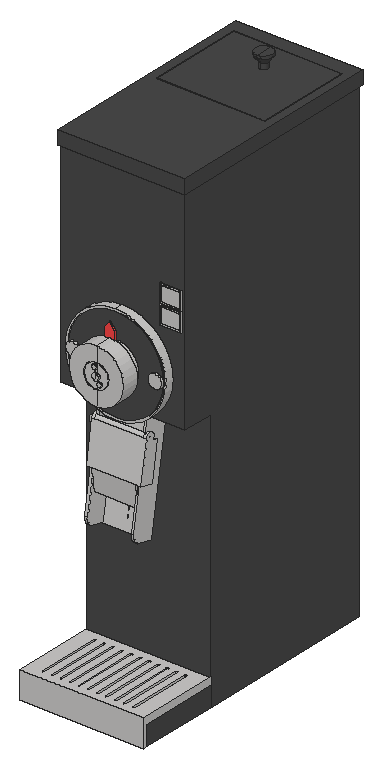
Revit family "QF_ELECTROLUXPROFESSIONAL_600661_E890", category Specialty Equipment, Revit 2018
Family settings
  Round Connector Dimension = Use Diameter
  Part Type = Normal
  Work Plane-Based = No
  Always vertical = Yes
  Cut with Voids When Loaded = No
  Shared = No
  Room Calculation Point = No
Parameters
  Weight = 0.00 lbm
  Watts = 0 W
  Volts = 230 V
  URL Manufacturer = "http://professional.electrolux.com"
  URL = "http://professional.electrolux.com"
  Steam Supply Size = 0 mm
  Steam Supply Minimum Pressure = 0.00 psi
  Steam Supply Maximum Pressure = 0.00 psi
  Steam Pounds per Hour = 0
  Show Clearance [instance] = yes
  Refrigeration Suction Line Size = 0 mm
  Refrigeration Liquid Line Size = 0 mm
  Refrigerant Compressor Remote = yes
  Phase = 1
  Model = "E890"
  Manufacturer = "Electrolux"
  Length Actual = 178 mm  # constant formula
  Item Number = "600661"
  Hot Water Size = 0 mm
  Height Actual = 711 mm  # constant formula
  HP = "1.1 HP"
  Gas Size = 0 mm
  Gas KW = 0
  Gas Input Pressure = 0.0 Btu/h
  Direct Waste Size = 0 mm
  Description = "GRINDER. ONE 1.4 KG HOPPER - BLACK"
  Depth Actual = 381 mm  # constant formula
  Cycle = 50 Hz
  Condensate Return Size = 0 mm
  Compressed Air Volume = 0 GPM
  Compressed Air Size = 0 mm
  Compressed Air Pressure = 0.00 psi
  Cold Water Size = 0 mm
  Accessory = yes
Reference planes
  plane 1 "BACK": y = 0
  plane 2: z = 0
  plane 3 "LEFT": x = 0
  plane 4 "RIGHT": x = 177.8
  plane 5 "FRONT": y = -381
  plane 6 "TOP": z = 685.8
  plane 7 "Center Y": x = 88.9
  plane 8 "Center X": y = -190.5
  plane 9: y = -355.6
  plane 10: z = 368.3
  plane 11: z = 38.1
  plane 12: z = 247.65
  plane 13: z = 426.161
Forms (mm)
  Extrusion 1, solid, material "QF_Plastic - Black - Smooth"
    sketch origin (0, 0, 0) x (0, 1, 0) y (0, 0, 1)
      loop
        line (-309.442, 666.75) -> (-309.442, 368.3) -> (-264.385, 368.3) -> (-264.385, 0) -> (-3.747, 0) -> (-3.747, 666.75) -> (-309.442, 666.75)
    from 2.013 to 175.787
  Extrusion 2, solid, material "QF_Metal - Stainless - Polished"
    sketch origin (0, -309.442, 666.75) x (0, 0, -1) y (1, 0, 0)
      loop
        circle (240.589, 88.9) r 69.85
      loop
        circle (240.589, 88.9) r 67.38
    from 0 to 12.481
  Extrusion 3, solid, material "QF_Plastic - Black - Smooth"
    sketch origin (0, -309.442, 666.75) x (0, 0, -1) y (1, 0, 0)
      loop
        circle (240.589, 88.9) r 67.38
    from 0 to 12.481
  Extrusion 4, solid, material "QF_Metal - Stainless - Polished"
    sketch origin (88.9, -355.6, 426.952) x (0, 0, 1) y (-1, 0, 0)
      loop
        circle (10.204, 2.254) r 3.175
      loop
        circle (-10.006, -4.691) r 3.175
    from 0 to 0.794
  Extrusion 5, solid, material "QF_Metal - Stainless - Polished"
    sketch origin (0, -309.442, 666.75) x (0, 0, -1) y (1, 0, 0)
      loop
        line (124.105, 142.513) -> (149.505, 142.513) -> (149.505, 171.705) -> (124.105, 171.705) -> (124.105, 142.513)
      loop
        line (176.95, 142.513) -> (176.95, 171.705) -> (151.55, 171.705) -> (151.55, 142.513) -> (176.95, 142.513)
      loop
        line (125.692, 170.117) -> (125.692, 144.101) -> (147.917, 144.101) -> (147.917, 170.117) -> (125.692, 170.117)
      loop
        line (153.138, 170.117) -> (153.138, 144.101) -> (175.363, 144.101) -> (175.363, 170.117) -> (153.138, 170.117)
    from 0 to 1.588
  Extrusion 6, solid, material "QF_Metal - Stainless - Polished"
    sketch origin (0, -309.442, 666.75) x (0, 0, -1) y (1, 0, 0)
      loop
        line (147.917, 144.101) -> (147.917, 170.117) -> (125.692, 170.117) -> (125.692, 144.101) -> (147.917, 144.101)
      loop
        line (153.138, 144.101) -> (175.363, 144.101) -> (175.363, 170.117) -> (153.138, 170.117) -> (153.138, 144.101)
    from 0 to 1.588
  Extrusion 7, solid, material "QF_Metal - Stainless - Polished"
    sketch origin (0, 0, 0) x (0, 1, 0) y (0, 0, 1)
      loop
        line (-377.825, 27.995) -> (-377.825, 0) -> (-264.385, 0) -> (-264.385, 27.995) -> (-377.825, 27.995)
    from 2.013 to 175.787
  Extrusion 8, solid, material "QF_Metal - Stainless - Polished"
    sketch origin (0, -264.385, 387.35) x (0, 0, -1) y (1, 0, 0)
      loop
        line (359.355, 2.013) -> (359.355, 5.188) -> (349.25, 5.188) -> (349.25, 2.013) -> (359.355, 2.013)
      loop
        line (359.355, 175.787) -> (349.25, 175.787) -> (349.25, 172.612) -> (359.355, 172.612) -> (359.355, 175.787)
    from 0 to 113.44
  Extrusion 9, solid, material "QF_Metal - Stainless - Polished"
    sketch origin (7.246, -264.385, 38.1) x (-1, 0, 0) y (0, -1, 0)
      loop
        line (2.058, 0) -> (2.058, 113.44) -> (-165.367, 113.44) -> (-165.367, 0) -> (2.058, 0)
      loop
        arc (-16.599, 104.033) -> (-18.187, 105.621) -> (-19.774, 104.033) r 1.587
        line (-19.774, 104.033) -> (-19.774, 14.918)
        arc (-19.774, 14.918) -> (-18.187, 13.331) -> (-16.599, 14.918) r 1.587
        line (-16.599, 14.918) -> (-16.599, 104.033)
      loop
        arc (-29.299, 104.033) -> (-30.887, 105.621) -> (-32.474, 104.033) r 1.587
        line (-32.474, 104.033) -> (-32.474, 14.918)
        arc (-32.474, 14.918) -> (-30.887, 13.331) -> (-29.299, 14.918) r 1.587
        line (-29.299, 14.918) -> (-29.299, 104.033)
      loop
        arc (-41.999, 104.033) -> (-43.587, 105.621) -> (-45.174, 104.033) r 1.587
        line (-45.174, 104.033) -> (-45.174, 14.918)
        arc (-45.174, 14.918) -> (-43.587, 13.331) -> (-41.999, 14.918) r 1.587
        line (-41.999, 14.918) -> (-41.999, 104.033)
      loop
        arc (-54.699, 104.033) -> (-56.287, 105.621) -> (-57.874, 104.033) r 1.587
        line (-57.874, 104.033) -> (-57.874, 14.918)
        arc (-57.874, 14.918) -> (-56.287, 13.331) -> (-54.699, 14.918) r 1.587
        line (-54.699, 14.918) -> (-54.699, 104.033)
      loop
        arc (-67.399, 104.033) -> (-68.987, 105.621) -> (-70.574, 104.033) r 1.587
        line (-70.574, 104.033) -> (-70.574, 14.918)
        arc (-70.574, 14.918) -> (-68.987, 13.331) -> (-67.399, 14.918) r 1.587
        line (-67.399, 14.918) -> (-67.399, 104.033)
      loop
        arc (-80.099, 104.033) -> (-81.687, 105.621) -> (-83.274, 104.033) r 1.587
        line (-83.274, 104.033) -> (-83.274, 14.918)
        arc (-83.274, 14.918) -> (-81.687, 13.331) -> (-80.099, 14.918) r 1.587
        line (-80.099, 14.918) -> (-80.099, 104.033)
      loop
        arc (-92.799, 104.033) -> (-94.387, 105.621) -> (-95.974, 104.033) r 1.587
        line (-95.974, 104.033) -> (-95.974, 14.918)
        arc (-95.974, 14.918) -> (-94.387, 13.331) -> (-92.799, 14.918) r 1.587
        line (-92.799, 14.918) -> (-92.799, 104.033)
      loop
        arc (-105.499, 104.033) -> (-107.087, 105.621) -> (-108.674, 104.033) r 1.587
        line (-108.674, 104.033) -> (-108.674, 14.918)
        arc (-108.674, 14.918) -> (-107.087, 13.331) -> (-105.499, 14.918) r 1.587
        line (-105.499, 14.918) -> (-105.499, 104.033)
      loop
        arc (-118.199, 104.033) -> (-119.787, 105.621) -> (-121.374, 104.033) r 1.587
        line (-121.374, 104.033) -> (-121.374, 14.918)
        arc (-121.374, 14.918) -> (-119.787, 13.331) -> (-118.199, 14.918) r 1.587
        line (-118.199, 14.918) -> (-118.199, 104.033)
      loop
        arc (-130.899, 104.033) -> (-132.487, 105.621) -> (-134.074, 104.033) r 1.587
        line (-134.074, 104.033) -> (-134.074, 14.918)
        arc (-134.074, 14.918) -> (-132.487, 13.331) -> (-130.899, 14.918) r 1.587
        line (-130.899, 14.918) -> (-130.899, 104.033)
      loop
        arc (-143.599, 104.033) -> (-145.187, 105.621) -> (-146.774, 104.033) r 1.587
        line (-146.774, 104.033) -> (-146.774, 14.918)
        arc (-146.774, 14.918) -> (-145.187, 13.331) -> (-143.599, 14.918) r 1.587
        line (-143.599, 14.918) -> (-143.599, 104.033)
    from 0 to -3.175
  Extrusion 10, solid, material "QF_Metal - Stainless - Polished"
    sketch origin (0, -377.825, 34.674) x (0, 0, 1) y (-1, 0, 0)
      loop
        line (-34.674, -2.013) -> (-34.674, -175.787) -> (3.426, -175.787) -> (3.426, -2.013) -> (-34.674, -2.013)
    from 0 to 3.175
  Extrusion 11, solid, material "QF_Door-Drawer Clearances", visible <- "Show Clearance", detail levels coarse
    sketch origin (0, 0, 0) x (0, 1, 0) y (0, 0, 1)
      loop
        line (-155.281, 685.8) -> (-19.75, 685.8)
        arc (-19.75, 685.8) -> (-71.644, 756.009) -> (-155.281, 781.05) r 138.068
        line (-155.281, 781.05) -> (-155.281, 685.8)
    from 12.7 to 165.1
  Extrusion 12, solid, material "QF_Metal - Stainless - Polished"
    sketch origin (0, 0, -19.05) x (0, 1, 0) y (0, 0, 1)
      loop
        line (-274.945, 387.35) -> (-307.929, 387.35) -> (-332.59, 247.495)
        arc (-332.59, 247.495) -> (-330.734, 238.372) -> (-323.155, 232.967) r 12.7
        line (-323.155, 232.967) -> (-303.051, 227.954) -> (-274.945, 387.35)
    from 54.596 to 57.778
  Extrusion 13, solid, material "QF_Metal - Stainless - Polished"
    sketch origin (177.8, 0, -19.05) x (0, 1, 0) y (0, 0, -1)
      loop
        line (-274.945, -387.35) -> (-303.051, -227.954) -> (-323.155, -232.967)
        arc (-323.155, -232.967) -> (-330.734, -238.372) -> (-332.59, -247.495) r 12.7
        line (-332.59, -247.495) -> (-307.929, -387.35) -> (-274.945, -387.35)
    from 54.596 to 57.778
  Extrusion 14, solid, material "QF_Metal - Stainless - Polished"
    sketch origin (177.8, 0, -19.05) x (0, 1, 0) y (0, 0, -1)
      loop
        line (-274.945, -387.35) -> (-303.051, -227.954) -> (-306.139, -228.724) -> (-278.169, -387.35) -> (-274.945, -387.35)
    from 57.778 to 120.022
  Extrusion 15, solid, material "QF_Metal - Stainless - Polished"
    sketch origin (88.9, 0, -6.35) x (0, 1, 0) y (0, 0, 1)
      loop
        line (-294.166, 278.341) -> (-302.411, 231.58) -> (-295.737, 231.58)
        arc (-295.737, 231.58) -> (-290.17, 232.688) -> (-285.45, 235.841) r 14.548
        line (-285.45, 235.841) -> (-279.129, 242.162)
        arc (-279.129, 242.162) -> (-274.751, 252.734) -> (-279.129, 263.305) r 14.95
        line (-279.129, 263.305) -> (-294.166, 278.341)
    from -1.588 to 1.588
  Extrusion 16, solid, material "QF_Metal - Stainless - Polished"
    sketch origin (88.9, 0, -6.35) x (0, 1, 0) y (0, 0, 1)
      loop
        line (-288.967, 273.143) -> (-279.129, 263.305)
        arc (-279.129, 263.305) -> (-274.751, 252.734) -> (-279.129, 242.162) r 14.95
        line (-279.129, 242.162) -> (-285.45, 235.841)
        arc (-285.45, 235.841) -> (-287.655, 234.032) -> (-290.17, 232.688) r 14.548
        line (-290.17, 232.688) -> (-264.385, 188.026) -> (-264.385, 297.726) -> (-288.967, 273.143)
    from -1.588 to 1.588
  Extrusion 17, solid, material "QF_Metal - Stainless - Polished"
    sketch origin (177.8, 0, -19.05) x (0, 1, 0) y (0, 0, -1)
      loop
        line (-297.625, -354.366) -> (-306.973, -301.35) -> (-325.503, -305.97) -> (-315.625, -361.989)
        arc (-315.625, -361.989) -> (-308.269, -367.14) -> (-303.118, -359.784) r 6.35
        line (-303.118, -359.784) -> (-303.879, -355.468) -> (-297.625, -354.366)
      loop
        circle (-308.881, -362.582) r 1.85
    from 54.596 to 50.8
  Extrusion 18, solid, material "QF_Metal - Stainless - Polished"
    sketch origin (0, 0, -19.05) x (0, 1, 0) y (0, 0, 1)
      loop
        line (-297.625, 354.366) -> (-303.879, 355.468) -> (-303.118, 359.784)
        arc (-303.118, 359.784) -> (-308.269, 367.14) -> (-315.625, 361.989) r 6.35
        line (-315.625, 361.989) -> (-325.503, 305.97) -> (-306.973, 301.35) -> (-297.625, 354.366)
      loop
        circle (-308.881, 362.582) r 1.85
    from 54.596 to 50.8
  Extrusion 19, solid, material "QF_Metal - Stainless - Polished"
    sketch origin (177.8, 0, -19.05) x (0, 1, 0) y (0, 0, -1)
      loop
        line (-311.543, -366.854) -> (-322.414, -305.2) -> (-325.503, -305.97) -> (-315.625, -361.989)
        arc (-315.625, -361.989) -> (-314.236, -364.968) -> (-311.543, -366.854) r 6.35
    from 54.596 to 123.204
  Extrusion 20, solid, material "QF_Metal - Stainless - Polished"
    sketch origin (177.8, 0, -19.05) x (0, 1, 0) y (0, 0, -1)
      loop
        line (-322.414, -305.2) -> (-318.711, -275.034) -> (-321.66, -274.672) -> (-325.503, -305.97) -> (-322.414, -305.2)
    from 57.778 to 120.022
  Extrusion 21, solid, material "QF_Metal - Stainless - Polished"
    sketch origin (0, -264.385, 368.3) x (0, 0, -1) y (1, 0, 0)
      loop
        circle (62.446, 14.868) r 6.35
    from 0 to 3.175
  Revolve 22, solid, material "QF_Metal - Stainless - Polished"
    sketch origin (88.9, 0, -22.222) x (0, 1, 0) y (0, 0, 1)
      loop
        line (-357.61, 448.383) -> (-321.923, 448.383) -> (-321.923, 480.133) -> (-332.345, 480.133) -> (-332.345, 486.483) -> (-355.6, 486.483) -> (-355.6, 465.87) -> (-354.485, 465.87) -> (-354.485, 465.077) -> (-355.6, 465.077) -> (-355.6, 452.984) -> (-357.61, 452.984) -> (-357.61, 448.383)
      axis (-357.61, 448.383) -> (-321.923, 448.383)
    angle from 0 to 360
  Extrusion 23, solid, material "QF_Metal - Stainless - Polished"
    sketch origin (0, -321.923, 644.528) x (0, 0, -1) y (1, 0, 0)
      loop
        circle (218.367, 31.135) r 9.332
      loop
        circle (218.367, 146.665) r 9.332
    from 0 to 3.175
  Extrusion 24, solid, material "QF_Plastic - Red - Smooth"
    sketch origin (88.9, -332.345, 426.161) x (-1, 0, 0) y (0, 0, 1)
      loop
        line (7.332, 15.876) -> (7.332, 49.18) -> (0, 58.234) -> (-7.332, 49.18) -> (-7.332, 15.876)
        arc (-7.332, 15.876) -> (0, 17.487) -> (7.332, 15.876) r 17.487
    from 0 to 0.794
  Extrusion 25, solid, material "QF_Plastic - Black - Smooth"
    sketch origin (-975.299, -4572, 685.8) x (-1, 0, 0) y (0, -1, 0)
      loop
        line (-975.299, -4572) -> (-975.299, -4259.384) -> (-1153.099, -4259.384) -> (-1153.099, -4572) -> (-975.299, -4572)
      loop
        line (-987.999, -4552.25) -> (-987.999, -4416.719) -> (-1140.399, -4416.719) -> (-1140.399, -4552.25) -> (-987.999, -4552.25)
    from 0 to -19.05
  Extrusion 26, solid, material "QF_Plastic - Black - Smooth"
    sketch origin (-975.299, -4572, 685.8) x (-1, 0, 0) y (0, -1, 0)
      loop
        line (-987.999, -4552.25) -> (-987.999, -4416.719) -> (-1140.399, -4416.719) -> (-1140.399, -4552.25) -> (-987.999, -4552.25)
    from 0 to -19.05
  Revolve 27, solid, material "QF_Plastic - Black - Smooth"
    sketch origin (88.9, 183.335, 1219.2) x (0, 1, 0) y (0, 0, 1)
      loop
        line (-245.247, -513.819) -> (-257.154, -513.819) -> (-257.154, -517.187) -> (-250.761, -525.806) -> (-250.761, -533.4) -> (-245.247, -533.4) -> (-245.247, -513.819)
      axis (-245.247, -533.4) -> (-245.247, -513.819)
    angle from 0 to 360
Cuts and joins
  joined: Extrusion 8, Extrusion 9, Extrusion 10
  joined: Extrusion 17, Extrusion 18, Extrusion 19
Lines and regions (mm)
  Split face 1
    outline origin (0, -264.385, 387.35) x (0, 0, -1) y (1, 0, 0)
      loop
        line (222.858, 37.338) -> (248.258, 37.338) -> (248.258, 140.462) -> (222.858, 140.462) -> (222.858, 37.338)
  Split face 2
    outline origin (0, -309.442, 628.65) x (0, 0, -1) y (1, 0, 0)
      loop
        line (73.188, 10.037) -> (76.363, 10.037) -> (76.363, 167.763) -> (73.188, 167.763) -> (73.188, 10.037)
  Split face 3
    outline origin (0, -309.442, 624.681) x (0, 0, -1) y (1, 0, 0)
      loop
        line (73.188, 10.037) -> (76.363, 10.037) -> (76.363, 167.763) -> (73.188, 167.763) -> (73.188, 10.037)
  symbolic lines
    curve 1: line (0, 0, 0) -> (177.8, 0, 0)
    curve 2: line (0, -312.616, 0) -> (0, 0, 0)
    curve 3: line (177.8, -312.616, 0) -> (0, -312.616, 0)
    curve 4: line (177.8, 0, 0) -> (177.8, -312.616, 0)
    curve 5: line (175.787, -381, 0) -> (175.787, -312.616, 0)
    curve 6: line (2.013, -312.616, 0) -> (2.013, -381, 0)
    curve 7: line (2.013, -381, 0) -> (175.787, -381, 0)
    curve 8: line (19.05, -321.923, 0) -> (19.05, -312.616, 0)
    curve 9: line (19.05, -321.923, 0) -> (158.75, -321.923, 0)
    curve 10: line (158.75, -321.923, 0) -> (158.75, -312.616, 0)
    curve 11: line (23.845, -368.418, 0) -> (23.845, -325.098, 0)
    curve 12: line (27.02, -325.098, 0) -> (27.02, -368.418, 0)
    curve 13: arc (27.02, -368.418, 0) -> (25.432, -370.006, 0) -> (23.845, -368.418, 0) r 1.588
    curve 14: line (36.545, -368.418, 0) -> (36.545, -325.098, 0)
    curve 15: line (39.72, -325.098, 0) -> (39.72, -368.418, 0)
    curve 16: arc (39.72, -368.418, 0) -> (38.132, -370.006, 0) -> (36.545, -368.418, 0) r 1.588
    curve 17: line (40.468, -325.098, 0) -> (21.803, -325.098, 0)
    curve 18: line (21.803, -325.098, 0) -> (21.803, -321.923, 0)
    curve 19: line (40.468, -325.098, 0) -> (40.468, -321.923, 0)
    curve 20: line (153.955, -368.418, 0) -> (153.955, -325.098, 0)
    curve 21: line (150.78, -325.098, 0) -> (150.78, -368.418, 0)
    curve 22: arc (150.78, -368.418, 0) -> (152.368, -370.006, 0) -> (153.955, -368.418, 0) r 1.588
    curve 23: line (141.255, -368.418, 0) -> (141.255, -325.098, 0)
    curve 24: line (138.08, -325.098, 0) -> (138.08, -368.418, 0)
    curve 25: arc (138.08, -368.418, 0) -> (139.668, -370.006, 0) -> (141.255, -368.418, 0) r 1.588
    curve 26: line (155.997, -325.098, 0) -> (155.997, -321.923, 0)
    curve 27: line (155.997, -325.098, 0) -> (137.332, -325.098, 0)
    curve 28: line (137.332, -325.098, 0) -> (137.332, -321.923, 0)
    curve 29: line (49.245, -368.418, 0) -> (49.245, -321.923, 0)
    curve 30: line (52.42, -325.503, 0) -> (52.42, -332.345, 0)
    curve 31: arc (52.42, -368.418, 0) -> (50.832, -370.006, 0) -> (49.245, -368.418, 0) r 1.587
    curve 32: line (50.8, -332.345, 0) -> (127, -332.345, 0)
    curve 33: line (50.8, -355.6, 0) -> (50.8, -332.345, 0)
    curve 34: line (127, -355.6, 0) -> (50.8, -355.6, 0)
    curve 35: line (127, -332.345, 0) -> (127, -355.6, 0)
    curve 36: line (52.42, -355.6, 0) -> (52.42, -368.418, 0)
    curve 37: arc (65.12, -368.418, 0) -> (63.532, -370.006, 0) -> (61.945, -368.418, 0) r 1.587
    curve 38: arc (77.82, -368.418, 0) -> (76.232, -370.006, 0) -> (74.645, -368.418, 0) r 1.587
    curve 39: arc (103.22, -368.418, 0) -> (101.632, -370.006, 0) -> (100.045, -368.418, 0) r 1.587
    curve 40: arc (115.92, -368.418, 0) -> (114.332, -370.006, 0) -> (112.745, -368.418, 0) r 1.587
    curve 41: arc (128.62, -368.418, 0) -> (127.032, -370.006, 0) -> (125.445, -368.418, 0) r 1.587
    curve 42: line (61.945, -368.418, 0) -> (61.945, -355.6, 0)
    curve 43: line (65.12, -368.418, 0) -> (65.12, -355.6, 0)
    curve 44: line (74.645, -368.418, 0) -> (74.645, -355.6, 0)
    curve 45: line (77.82, -368.418, 0) -> (77.82, -355.6, 0)
    curve 46: line (100.045, -368.418, 0) -> (100.045, -355.6, 0)
    curve 47: line (103.22, -368.418, 0) -> (103.22, -355.6, 0)
    curve 48: line (112.745, -368.418, 0) -> (112.745, -355.6, 0)
    curve 49: line (115.92, -368.418, 0) -> (115.92, -355.6, 0)
    curve 50: line (125.445, -368.418, 0) -> (125.445, -355.6, 0)
    curve 51: line (128.62, -368.418, 0) -> (128.62, -321.923, 0)
    curve 52: line (87.345, -368.418, 0) -> (87.345, -357.61, 0)
    curve 53: line (90.52, -368.418, 0) -> (90.52, -357.61, 0)
    curve 54: line (84.3, -357.61, 0) -> (84.3, -356.394, 0)
    curve 55: line (84.3, -356.394, 0) -> (83.471, -356.394, 0)
    curve 56: line (83.471, -356.394, 0) -> (83.471, -355.6, 0)
    curve 57: line (84.3, -357.61, 0) -> (93.5, -357.61, 0)
    curve 58: line (93.5, -357.61, 0) -> (93.5, -356.394, 0)
    curve 59: line (93.5, -356.394, 0) -> (96.766, -356.394, 0)
    curve 60: line (96.766, -356.394, 0) -> (96.766, -355.6, 0)
    curve 61: line (89.821, -356.394, 0) -> (89.821, -355.6, 0)
    curve 62: line (84.3, -356.394, 0) -> (89.821, -356.394, 0)
    curve 63: line (120.65, -321.923, 0) -> (120.65, -332.345, 0)
    curve 64: line (57.15, -321.923, 0) -> (57.15, -332.345, 0)
    curve 65: line (50.8, -325.503, 0) -> (57.15, -325.503, 0)
    curve 66: line (50.8, -325.503, 0) -> (50.8, -321.923, 0)
    curve 67: line (123.204, -325.503, 0) -> (123.204, -332.345, 0)
    curve 68: line (125.445, -325.503, 0) -> (125.445, -332.345, 0)
    curve 69: line (12.7, -19.75, 685.8) -> (165.1, -19.75, 685.8)
    curve 70: line (12.7, -155.281, 685.8) -> (12.7, -19.75, 685.8)
    curve 71: line (165.1, -155.281, 685.8) -> (12.7, -155.281, 685.8)
    curve 72: line (165.1, -19.75, 685.8) -> (165.1, -155.281, 685.8)
    curve 73: circle (88.9, -61.912, 685.8) r 11.906 normal (0, 0, 1)
    curve 74: line (127, -325.503, 685.8) -> (127, -321.923, 685.8)
    curve 75: line (127, -325.503, 685.8) -> (120.65, -325.503, 685.8)
    curve 76: line (54.596, -325.503, 685.8) -> (54.596, -332.345, 685.8)
    curve 77: arc (90.52, -368.418, 685.8) -> (88.932, -370.006, 685.8) -> (87.345, -368.418, 685.8) r 1.587
Dimensions and locks
  equal spacing: plane 3 "LEFT", plane 7 "Center Y", plane 4 "RIGHT"
  plane 3 "LEFT" to plane 4 "RIGHT" = 177.8 mm
  equal spacing: plane 5 "FRONT", plane 8 "Center X", plane 1 "BACK"
  plane 5 "FRONT" to plane 1 "BACK" = 381 mm  (x2)
  plane 6 "TOP" to level = 685.8 mm
  plane 9 to plane 1 "BACK" = 355.6 mm
  plane 6 "TOP" to plane 2 = 685.8 mm
  plane 2 to plane 11 = 38.1 mm
  plane 11 to plane 10 = 330.2 mm
  plane 11 to plane 12 = 209.55 mm
  aligned and locked: plane 2 to level
Automatic sketch dimensions
  curve 3 to plane 3 "LEFT" = 0 mm
  plane 5 "FRONT" to curve 6 = 0 mm
  curve 34 to plane 9 = 0 mm
  curve 3 to plane 4 "RIGHT" = 0 mm
  plane 1 "BACK" to curve 1 = 0 mm
  plane 3 "LEFT" to curve 6 = 2.013 mm
  plane 3 "LEFT" to curve 8 = 19.05 mm
  curve 8 to curve 18 = 2.753 mm
  plane 3 "LEFT" to curve 11 = 23.845 mm
  curve 11 to curve 13 = 1.587 mm
  curve 13 to curve 14 = 9.525 mm
  curve 16 to curve 16 = 1.588 mm
  curve 15 to curve 17 = 0.748 mm
  curve 15 to curve 29 = 9.525 mm
  curve 29 to curve 66 = 1.555 mm
  curve 29 to curve 34 = 1.555 mm
  curve 29 to curve 31 = 1.587 mm
  curve 31 to curve 42 = 9.525 mm
  curve 42 to curve 37 = 1.587 mm
  curve 37 to curve 44 = 9.525 mm
  curve 44 to curve 38 = 1.587 mm
  curve 56 to plane 9 = 0.794 mm
  curve 56 to plane 7 "Center Y" = 5.429 mm
  curve 55 to curve 54 = 0.829 mm
  plane 7 "Center Y" to curve 62 = 0.921 mm
  curve 59 to plane 9 = 0.794 mm
  curve 61 to curve 59 = 3.68 mm
  curve 58 to curve 60 = 3.266 mm
  plane 7 "Center Y" to curve 46 = 11.145 mm
  curve 39 to curve 39 = 1.587 mm
  curve 39 to curve 48 = 9.525 mm
  curve 48 to curve 40 = 1.587 mm
  curve 49 to curve 50 = 9.525 mm
  curve 50 to curve 35 = 1.555 mm
  curve 50 to curve 41 = 1.587 mm
  curve 51 to curve 27 = 8.713 mm
  curve 51 to curve 24 = 9.461 mm
  curve 24 to curve 25 = 1.587 mm
  curve 25 to curve 21 = 9.525 mm
  curve 22 to curve 22 = 1.587 mm
  curve 20 to curve 27 = 2.042 mm
  curve 26 to curve 9 = 2.753 mm
  plane 4 "RIGHT" to curve 5 = 2.013 mm
  curve 40 to plane 5 "FRONT" = 12.582 mm
  curve 39 to curve 40 = 0 mm
  curve 44 to plane 5 "FRONT" = 12.582 mm
  curve 37 to curve 38 = 0 mm
  curve 36 to curve 37 = 0 mm
  curve 11 to plane 5 "FRONT" = 12.582 mm
  curve 13 to curve 14 = 0 mm
  curve 20 to plane 5 "FRONT" = 12.582 mm
  curve 51 to plane 5 "FRONT" = 12.582 mm
  curve 23 to curve 21 = 0 mm
  curve 57 to curve 58 = 1.216 mm
  curve 33 to curve 33 = 23.255 mm
  curve 32 to curve 66 = 6.843 mm
  curve 32 to curve 27 = 7.248 mm
  curve 65 to curve 19 = 0.405 mm
  curve 26 to curve 10 = 3.175 mm
  curve 8 to curve 3 = 9.307 mm
  curve 32 to curve 30 = 1.62 mm
  curve 30 to curve 64 = 4.73 mm
  curve 52 to plane 7 "Center Y" = 1.555 mm
  plane 7 "Center Y" to curve 53 = 1.62 mm
  curve 63 to curve 32 = 6.35 mm
  curve 63 to curve 67 = 2.554 mm
  curve 68 to curve 32 = 1.555 mm
  curve 53 to curve 46 = 0 mm
  curve 52 to curve 53 = 0 mm
  curve 67 to curve 63 = 3.58 mm
  curve 67 to curve 68 = 0 mm
  Extrusion 1 sketch curve to plane 10 = 0 mm
  Extrusion 1 sketch curve to level = 0 mm
  plane 9 to Extrusion 1 sketch curve = 46.158 mm
  Extrusion 1 sketch curve to plane 8 "Center X" = 73.885 mm
  plane 1 "BACK" to Extrusion 1 sketch curve = 3.747 mm
  Extrusion 1 sketch curve to plane 6 "TOP" = 19.05 mm
  Split face 1 sketch curve to Extrusion 1 = 35.325 mm  (x2)
  Split face 1 sketch curve to Extrusion 1 = 164.492 mm
  Split face 1 sketch curve to Split face 1 sketch curve = 25.4 mm
  Extrusion 2 sketch curve to Extrusion 2 sketch curve = 0 mm  (x6)
  Extrusion 1 to Extrusion 2 sketch curve = 57.861 mm
  Extrusion 1 to Extrusion 2 sketch curve = 86.887 mm
  Extrusion 2 sketch curve to Extrusion 2 sketch curve = 67.38 mm
  Extrusion 1 to Extrusion 3 sketch curve = 57.861 mm
  Extrusion 1 to Extrusion 3 sketch curve = 86.887 mm
  Extrusion 4 sketch curve to plane 13 = 9.216 mm
  Extrusion 4 sketch curve to plane 7 "Center Y" = 2.254 mm
  plane 13 to Extrusion 4 sketch curve = 10.995 mm
  plane 7 "Center Y" to Extrusion 4 sketch curve = 4.691 mm
  Extrusion 1 to Extrusion 5 sketch curve = 4.083 mm
  Extrusion 1 to Extrusion 5 sketch curve = 124.105 mm
  Extrusion 5 sketch curve to Extrusion 5 sketch curve = 1.587 mm  (x5)
  Extrusion 1 to Extrusion 5 sketch curve = 5.67 mm  (x2)
  Extrusion 5 sketch curve to Extrusion 5 sketch curve = 22.225 mm  (x2)
  Extrusion 5 sketch curve to Extrusion 5 sketch curve = 2.045 mm
  Extrusion 5 sketch curve to Extrusion 5 sketch curve = 26.016 mm
  Extrusion 5 sketch curve to Extrusion 5 sketch curve = 0 mm  (x2)
  Extrusion 5 sketch curve to Extrusion 5 sketch curve = 1.588 mm
  Extrusion 1 to Extrusion 6 sketch curve = 31.686 mm
  Extrusion 1 to Extrusion 6 sketch curve = 125.692 mm
  Extrusion 1 to Extrusion 6 sketch curve = 5.67 mm  (x2)
  Extrusion 6 sketch curve to Extrusion 6 sketch curve = 22.225 mm  (x2)
  Extrusion 6 sketch curve to Extrusion 6 sketch curve = 5.22 mm
  Extrusion 6 sketch curve to Extrusion 6 sketch curve = 0 mm
  Split face 2 sketch curve to Extrusion 1 = 8.024 mm  (x2)
  Split face 2 sketch curve to Extrusion 1 = 111.288 mm
  Split face 2 sketch curve to Split face 2 sketch curve = 3.175 mm
  Split face 3 sketch curve to Extrusion 1 = 8.024 mm  (x2)
  Split face 3 sketch curve to Extrusion 1 = 115.257 mm
  Split face 3 sketch curve to Split face 3 sketch curve = 3.175 mm
  Extrusion 7 sketch curve to level = 0 mm
  Extrusion 7 sketch curve to plane 5 "FRONT" = 3.175 mm
  Extrusion 7 sketch curve to plane 8 "Center X" = 73.885 mm
  plane 11 to Extrusion 7 sketch curve = 10.105 mm
  Extrusion 8 sketch curve to Extrusion 1 = 0 mm
  Extrusion 1 to Extrusion 8 sketch curve = 0 mm
  Extrusion 1 to Extrusion 8 sketch curve = 3.175 mm  (x2)
  Extrusion 8 sketch curve to Extrusion 1 = 38.1 mm  (x2)
  Extrusion 8 sketch curve to Extrusion 8 sketch curve = 10.105 mm  (x2)
  Extrusion 8 to Extrusion 9 sketch curve = 0 mm  (x2)
  Extrusion 9 sketch curve to Extrusion 8 = 0 mm
  Extrusion 9 sketch curve to Extrusion 8 = 18.657 mm
  Extrusion 9 sketch curve to Extrusion 9 sketch curve = 1.587 mm  (x11)
  Extrusion 9 sketch curve to Extrusion 9 sketch curve = 9.525 mm  (x10)
  Extrusion 9 sketch curve to Extrusion 9 sketch curve = 18.593 mm
  Extrusion 8 to Extrusion 9 sketch curve = 14.918 mm  (x2)
  Extrusion 9 sketch curve to Extrusion 9 sketch curve = 0 mm  (x9)
  Extrusion 8 to Extrusion 9 sketch curve = 9.407 mm  (x11)
  Extrusion 7 to Extrusion 10 sketch curve = 0 mm
  Extrusion 10 sketch curve to Extrusion 7 = 0 mm  (x2)
  Extrusion 10 sketch curve to Extrusion 7 = 10.105 mm
  Extrusion 12 sketch curve to plane 10 = 0 mm
  plane 9 to Extrusion 12 sketch curve = 23.01 mm
  Extrusion 12 sketch curve to Extrusion 12 sketch curve = 9.435 mm
  Extrusion 12 sketch curve to Extrusion 12 sketch curve = 3.072 mm
  plane 9 to Extrusion 12 sketch curve = 47.671 mm
  Extrusion 12 sketch curve to Extrusion 12 sketch curve = 20.104 mm
  Extrusion 12 sketch curve to Extrusion 12 sketch curve = 32.984 mm
  plane 12 to Extrusion 12 sketch curve = 19.205 mm
  Extrusion 12 sketch curve to Extrusion 12 sketch curve = 2.205 mm
  Extrusion 12 sketch curve to Extrusion 12 sketch curve = 5.013 mm
  Extrusion 13 sketch curve to plane 10 = 0 mm
  plane 9 to Extrusion 13 sketch curve = 23.01 mm
  Extrusion 13 sketch curve to Extrusion 13 sketch curve = 9.435 mm
  Extrusion 13 sketch curve to Extrusion 13 sketch curve = 3.072 mm
  plane 9 to Extrusion 13 sketch curve = 47.671 mm
  Extrusion 13 sketch curve to Extrusion 13 sketch curve = 20.104 mm
  Extrusion 13 sketch curve to Extrusion 13 sketch curve = 32.984 mm
  plane 12 to Extrusion 13 sketch curve = 19.205 mm
  Extrusion 13 sketch curve to Extrusion 13 sketch curve = 2.205 mm
  Extrusion 13 sketch curve to Extrusion 13 sketch curve = 5.013 mm
  Extrusion 14 sketch curve to plane 10 = 0 mm
  plane 9 to Extrusion 14 sketch curve = 49.461 mm
  Extrusion 14 sketch curve to Extrusion 14 sketch curve = 3.088 mm
  plane 9 to Extrusion 14 sketch curve = 77.431 mm
  Extrusion 14 sketch curve to Extrusion 14 sketch curve = 3.224 mm
  plane 12 to Extrusion 14 sketch curve = 37.976 mm
  Extrusion 14 sketch curve to Extrusion 14 sketch curve = 0.77 mm
  plane 12 to Extrusion 15 sketch curve = 22.42 mm
  plane 9 to Extrusion 15 sketch curve = 53.189 mm
  Extrusion 15 sketch curve to Extrusion 15 sketch curve = 6.674 mm
  Extrusion 15 sketch curve to plane 12 = 24.341 mm
  Extrusion 15 sketch curve to Extrusion 15 sketch curve = 1.571 mm
  plane 12 to Extrusion 15 sketch curve = 1.266 mm
  Extrusion 15 sketch curve to Extrusion 15 sketch curve = 6.037 mm
  plane 12 to Extrusion 15 sketch curve = 18.159 mm
  Extrusion 15 sketch curve to Extrusion 15 sketch curve = 10.287 mm
  plane 12 to Extrusion 15 sketch curve = 11.838 mm
  Extrusion 15 sketch curve to Extrusion 15 sketch curve = 6.321 mm
  Extrusion 15 sketch curve to plane 12 = 9.305 mm
  plane 12 to Extrusion 16 sketch curve = 7.872 mm
  plane 9 to Extrusion 16 sketch curve = 59.863 mm
  plane 12 to Extrusion 16 sketch curve = 21.312 mm
  Extrusion 16 sketch curve to Extrusion 16 sketch curve = 5.567 mm
  plane 12 to Extrusion 16 sketch curve = 1.266 mm
  Extrusion 16 sketch curve to Extrusion 16 sketch curve = 6.037 mm
  Extrusion 16 sketch curve to plane 12 = 19.143 mm
  Extrusion 16 sketch curve to Extrusion 16 sketch curve = 0.733 mm
  plane 12 to Extrusion 16 sketch curve = 18.159 mm
  plane 12 to Extrusion 16 sketch curve = 11.838 mm
  Extrusion 16 sketch curve to Extrusion 16 sketch curve = 6.321 mm
  Extrusion 16 sketch curve to plane 12 = 9.305 mm
  Extrusion 16 sketch curve to plane 12 = 43.726 mm
  Extrusion 16 sketch curve to Extrusion 16 sketch curve = 44.661 mm
  plane 9 to Extrusion 17 sketch curve = 30.097 mm
  plane 9 to Extrusion 17 sketch curve = 39.975 mm
  Extrusion 17 sketch curve to Extrusion 17 sketch curve = 6.254 mm
  Extrusion 17 sketch curve to Extrusion 17 sketch curve = 0.491 mm
  Extrusion 17 sketch curve to Extrusion 17 sketch curve = 18.529 mm
  Extrusion 17 sketch curve to plane 10 = 31.882 mm
  Extrusion 17 sketch curve to Extrusion 17 sketch curve = 5.493 mm
  Extrusion 17 sketch curve to plane 10 = 27.566 mm
  Extrusion 17 sketch curve to Extrusion 17 sketch curve = 0.761 mm
  level to Extrusion 17 sketch curve = 335.316 mm
  Extrusion 17 sketch curve to Extrusion 17 sketch curve = 1.103 mm
  Extrusion 17 sketch curve to Extrusion 17 sketch curve = 1.696 mm
  Extrusion 17 sketch curve to Extrusion 17 sketch curve = 4.62 mm
  plane 9 to Extrusion 18 sketch curve = 30.097 mm
  plane 9 to Extrusion 18 sketch curve = 39.975 mm
  Extrusion 18 sketch curve to Extrusion 18 sketch curve = 6.254 mm
  Extrusion 18 sketch curve to Extrusion 18 sketch curve = 0.491 mm
  Extrusion 18 sketch curve to Extrusion 18 sketch curve = 18.529 mm
  Extrusion 18 sketch curve to plane 10 = 31.882 mm
  Extrusion 18 sketch curve to Extrusion 18 sketch curve = 5.493 mm
  Extrusion 18 sketch curve to plane 10 = 27.566 mm
  Extrusion 18 sketch curve to Extrusion 18 sketch curve = 0.761 mm
  level to Extrusion 18 sketch curve = 335.316 mm
  Extrusion 18 sketch curve to Extrusion 18 sketch curve = 4.62 mm
  Extrusion 18 sketch curve to Extrusion 18 sketch curve = 1.103 mm
  Extrusion 18 sketch curve to Extrusion 18 sketch curve = 1.696 mm
  plane 9 to Extrusion 19 sketch curve = 30.097 mm
  Extrusion 19 sketch curve to Extrusion 19 sketch curve = 3.088 mm
  plane 9 to Extrusion 19 sketch curve = 39.975 mm
  Extrusion 19 sketch curve to plane 10 = 20.496 mm
  Extrusion 19 sketch curve to Extrusion 19 sketch curve = 4.082 mm
  Extrusion 19 sketch curve to Extrusion 19 sketch curve = 6.254 mm
  Extrusion 19 sketch curve to Extrusion 19 sketch curve = 4.864 mm
  Extrusion 19 sketch curve to plane 12 = 39.27 mm
  Extrusion 19 sketch curve to Extrusion 19 sketch curve = 0.77 mm
  plane 9 to Extrusion 20 sketch curve = 30.097 mm
  Extrusion 20 sketch curve to Extrusion 20 sketch curve = 3.088 mm
  Extrusion 20 sketch curve to plane 12 = 7.972 mm
  Extrusion 20 sketch curve to Extrusion 20 sketch curve = 0.755 mm
  level to Extrusion 20 sketch curve = 255.984 mm
  Extrusion 20 sketch curve to Extrusion 20 sketch curve = 2.949 mm
  plane 3 "LEFT" to Extrusion 21 sketch curve = 14.868 mm
  Extrusion 21 sketch curve to plane 12 = 58.204 mm
  Revolve 22 sketch curve to plane 13 = 0 mm  (x2)
  Revolve 22 sketch curve to plane 9 = 0 mm  (x2)
  Revolve 22 sketch curve to plane 9 = 2.01 mm
  plane 9 to Revolve 22 sketch curve = 1.115 mm
  plane 9 to Revolve 22 sketch curve = 23.255 mm
  Revolve 22 sketch curve to Revolve 22 sketch curve = 10.423 mm
  Revolve 22 sketch curve to Revolve 22 sketch curve = 4.6 mm
  Revolve 22 sketch curve to Revolve 22 sketch curve = 12.093 mm
  Revolve 22 sketch curve to Revolve 22 sketch curve = 0.794 mm
  Revolve 22 sketch curve to Revolve 22 sketch curve = 14.263 mm
  Revolve 22 sketch curve to Revolve 22 sketch curve = 6.35 mm
  Revolve 22 sketch curve to Revolve 22 sketch curve = 0 mm
  Revolve 22 sketch curve to Revolve 22 sketch curve = 19.05 mm
  Extrusion 23 sketch curve to plane 13 = 0 mm  (x2)
  plane 3 "LEFT" to Extrusion 23 sketch curve = 31.135 mm
  plane 4 "RIGHT" to Extrusion 23 sketch curve = 31.135 mm
  Revolve 22 to Extrusion 24 sketch curve = 0 mm
  Revolve 22 to Extrusion 24 sketch curve = 7.332 mm
  Extrusion 24 sketch curve to Revolve 22 = 7.332 mm
  Extrusion 24 sketch curve to Extrusion 24 sketch curve = 33.304 mm
  Extrusion 24 sketch curve to Extrusion 24 sketch curve = 0 mm
  Extrusion 24 sketch curve to Extrusion 24 sketch curve = 9.054 mm
  plane 1 "BACK" to Extrusion 25 sketch curve = 0 mm
  Extrusion 25 sketch curve to plane 4 "RIGHT" = 0 mm
  Extrusion 25 sketch curve to plane 3 "LEFT" = 0 mm
  plane 4 "RIGHT" to Extrusion 25 sketch curve = 12.7 mm
  plane 3 "LEFT" to Extrusion 25 sketch curve = 12.7 mm
  plane 1 "BACK" to Extrusion 25 sketch curve = 19.75 mm
  plane 8 "Center X" to Extrusion 25 sketch curve = 35.219 mm
  plane 9 to Extrusion 25 sketch curve = 42.984 mm
  plane 4 "RIGHT" to Extrusion 26 sketch curve = 12.7 mm
  plane 3 "LEFT" to Extrusion 26 sketch curve = 12.7 mm
  plane 1 "BACK" to Extrusion 26 sketch curve = 19.75 mm
  plane 8 "Center X" to Extrusion 26 sketch curve = 35.219 mm
  Revolve 27 sketch curve to plane 6 "TOP" = 0 mm
  plane 6 "TOP" to Revolve 27 sketch curve = 16.213 mm
  plane 1 "BACK" to Revolve 27 sketch curve = 73.819 mm
  plane 6 "TOP" to Revolve 27 sketch curve = 7.594 mm
  Revolve 27 sketch curve to Revolve 27 sketch curve = 6.392 mm
  Revolve 27 sketch curve to Revolve 27 sketch curve = 11.906 mm
  Revolve 27 sketch curve to Revolve 27 sketch curve = 3.368 mm
  Revolve 27 sketch curve to Revolve 27 sketch curve = 0 mm
  Revolve 27 sketch curve to plane 6 "TOP" = 28.378 mm
  Revolve 27 sketch curve to Revolve 27 sketch curve = 0.531 mm
  Extrusion 11 sketch curve to plane 6 "TOP" = 0 mm
  plane 1 "BACK" to Extrusion 11 sketch curve = 19.75 mm
  plane 8 "Center X" to Extrusion 11 sketch curve = 39.468 mm
  plane 8 "Center X" to Extrusion 11 sketch curve = 35.219 mm
  Extrusion 11 sketch curve to plane 6 "TOP" = 42.752 mm
  curve 73 to plane 7 "Center Y" = 0 mm
  plane 7 "Center Y" to curve 75 = 38.1 mm
  plane 4 "RIGHT" to curve 72 = 12.7 mm
  plane 3 "LEFT" to curve 70 = 12.7 mm
  plane 1 "BACK" to curve 69 = 19.75 mm
  plane 1 "BACK" to curve 73 = 61.912 mm
  plane 8 "Center X" to curve 70 = 35.219 mm
  plane 9 to curve 75 = 30.097 mm
  curve 74 to curve 75 = 6.35 mm
  curve 76 to plane 7 "Center Y" = 34.304 mm
  curve 74 to curve 74 = 3.58 mm
  plane 9 to curve 76 = 30.097 mm
  curve 76 to curve 76 = 6.843 mm
  radius of Extrusion 2 sketch curve = 69.85 mm
  radius of Extrusion 3 sketch curve = 67.38 mm
  radius of Extrusion 4 sketch curve = 3.175 mm  (x2)
  radius of Extrusion 17 sketch curve = 1.85 mm
  radius of Extrusion 18 sketch curve = 1.85 mm
  radius of Extrusion 21 sketch curve = 6.35 mm
  radius of Extrusion 23 sketch curve = 9.332 mm  (x2)
  radius of Extrusion 24 sketch curve to Revolve 22 = 14.263 mm
  radius of curve 73 = 11.906 mm
Connectors
  electrical at (14.868, -267.56, 305.854)
    settings: on Extrusion 21, index 1, voltage 115 V, apparent load 920 VA, apparent load phase1 0 VA, apparent load phase2 0 VA, apparent load phase3 0 VA, power factor 1, load classification "Other", number of poles 1, system type 30, power factor state 1, is connector primary yes, connector utility no, sub classification motor no, connector description "ELECTRICAL CONNECTION"
